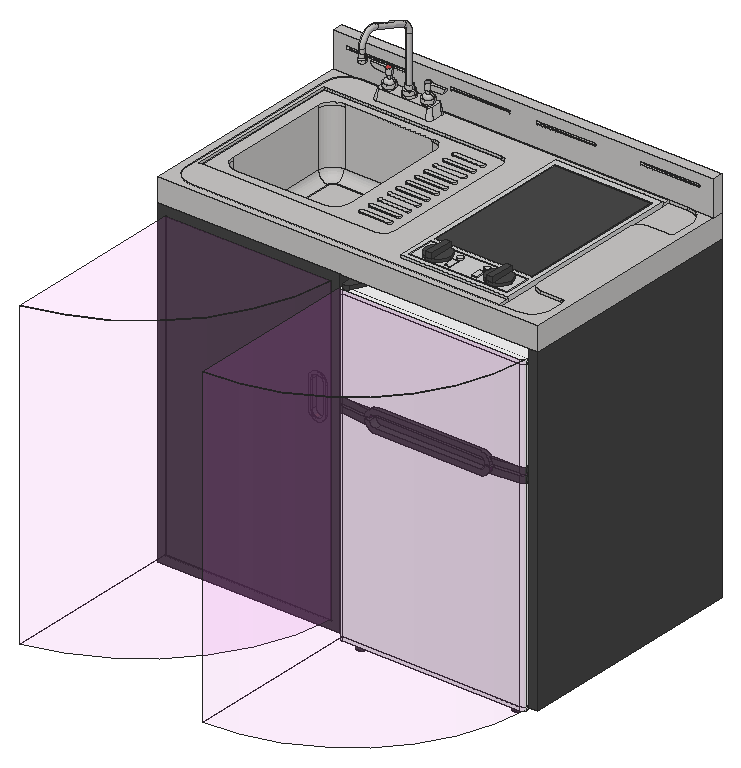
Revit family "QF_Summit_C39ELGLASSBK_Kitchenette", category Specialty Equipment, Revit 2020 (continued)
Automatic sketch dimensions
  Revolve 35 sketch curve to Revolve 35 sketch curve = 0.41967"
  Revolve 35 sketch curve to Revolve 35 sketch curve = 0.08258"
  Revolve 35 sketch curve to Revolve 35 sketch curve = 0"
  Revolve 35 sketch curve to level = 0.28903"
  Revolve 36 sketch curve to level = 0"  (x2)
  Revolve 36 sketch curve to plane 11 = 0"
  plane 18 to Revolve 36 sketch curve = 0.60245"
  Revolve 36 sketch curve to Revolve 36 sketch curve = 0.18277"
  Revolve 36 sketch curve to Revolve 36 sketch curve = 0.43124"
  Revolve 36 sketch curve to plane 11 = 0.33258"
  Revolve 36 sketch curve to Revolve 36 sketch curve = 0.41967"
  Revolve 36 sketch curve to Revolve 36 sketch curve = 0.08258"
  Revolve 36 sketch curve to Revolve 36 sketch curve = 0"
  Revolve 36 sketch curve to level = 0.28903"
  Revolve 37 sketch curve to level = 0"  (x2)
  Revolve 37 sketch curve to plane 11 = 0"
  plane 3 "LEFT" to Revolve 37 sketch curve = 0.60245"
  Revolve 37 sketch curve to Revolve 37 sketch curve = 0.18277"
  Revolve 37 sketch curve to Revolve 37 sketch curve = 0.43124"
  Revolve 37 sketch curve to plane 11 = 0.33258"
  Revolve 37 sketch curve to Revolve 37 sketch curve = 0.41967"
  Revolve 37 sketch curve to Revolve 37 sketch curve = 1/4"
  Revolve 37 sketch curve to Revolve 37 sketch curve = 0"
  Revolve 37 sketch curve to Revolve 37 sketch curve = 0.28903"
  Revolve 38 sketch curve to level = 0"  (x2)
  Revolve 38 sketch curve to plane 11 = 0"
  plane 3 "LEFT" to Revolve 38 sketch curve = 0.60245"
  Revolve 38 sketch curve to Revolve 38 sketch curve = 0.18277"
  Revolve 38 sketch curve to Revolve 38 sketch curve = 0.43124"
  Revolve 38 sketch curve to plane 11 = 0.33258"
  Revolve 38 sketch curve to Revolve 38 sketch curve = 0.41967"
  Revolve 38 sketch curve to plane 11 = 1/4"
  Revolve 38 sketch curve to Revolve 38 sketch curve = 0"
  Revolve 38 sketch curve to Revolve 38 sketch curve = 0.28903"
  radius of Extrusion 7 sketch curve = 1 1/4"  (x2)
  radius of Extrusion 8 sketch curve to Extrusion 7 = 0"  (x4)
  radius of Extrusion 9 sketch curve = 0.28156"  (x2)
  radius of Extrusion 27 sketch curve = 1 1/4"  (x2)
  radius of Extrusion 28 sketch curve to Extrusion 27 = 0"  (x4)
  radius of Extrusion 29 sketch curve = 0.28156"  (x2)
  radius of curve 121 = 1"
  radius of Extrusion 20 sketch curve = 1/8"
  radius of Extrusion 21 sketch curve = 1/8"
  radius of Extrusion 23 sketch curve to Extrusion 3 = 0"  (x2)
  radius of Extrusion 24 sketch curve = 1"
Nested families (in)
  nested 1: "CG_FISHER_TYPE 4" at (5.48357, -1, 36.375), type "CG_FISHER_TYPE 4"
    with Type Mark "", Specification by User "", Revision Code "", Item Number "", Installed By "", Identify Quantity as Lot yes, Furnished By "", Foodservice Equipment Identifier yes
  nested 2: "Summit_CP34BSS" at (19, -4.125, 0), Left Hinged Door <- "Show LHD", type "Summit_CP34BSS"
    with Right Hinged Door no, Left Hinged Door yes
Connectors (in)
  electrical at (32.20982, -1.61158, 36.36411)
    settings: on Extrusion 20, index 1, voltage 0 V, apparent load 0 VA, apparent load phase1 0 VA, apparent load phase2 0 VA, apparent load phase3 0 VA, power factor 1, load classification "Other", number of poles 1, system type 30, power factor state 1, is connector primary yes, connector utility no, sub classification motor no, connector description "Electrical Connection"
  electrical at (24.93965, 0.25, 3.16456), driven by "Volts", driven by "Watts"
    settings: on Extrusion 21, index 2, voltage 115 V, apparent load 1506.5 VA, apparent load phase1 0 VA, apparent load phase2 0 VA, apparent load phase3 0 VA, power factor 1, load classification "Other", number of poles 1, system type 30, power factor state 1, is connector primary no, connector utility no, sub classification motor no, connector description "Electrical Connection"
Definition of nested family "CG_FISHER_TYPE 4"
  Parameters (values of type "CG_FISHER_TYPE 4")
    Weight = ""
    URL Manufacturer = ""
    URL Cutsheet = ""
    URL = ""
    Type Mark [instance] = ""
    Specification by User [instance] = ""
    Specification by Manufacturer = ""
    Serial Number = ""
    Seismic Rating = ""
    SMACNA No = ""
    Revision Code [instance] = ""
    Omniclass Number and Title = ""
    NAFEM Spec ID Number = ""
    Model = ""
    MasterSpec. = ""
    Manufacturer = ""
    Item Number [instance] = ""
    Installed By [instance] = ""
    Identify Quantity as Lot [instance] = yes
    Furnished By [instance] = ""
    Foodservice Equipment Identifier [instance] = yes
    Default Elevation = 0"
    CSI MasterFormat = ""
    CSI Master Format = ""
  Reference planes (in)
    plane 1 "BACK": y = 0
    plane 2: z = 0
    plane 3 "LEFT": x = 0
    plane 4 "RIGHT": x = 6
    plane 5 "FRONT": y = -2
    plane 6 "TOP": z = 9.5
    plane 7: x = 3
    plane 8: x = 1
    plane 9: x = 5
    plane 10: z = 6.75
    plane 11: y = -1
    plane 12: y = -7
  Forms (in)
    Blend 1, solid
      base sketch origin (0, 0, 0) x (1, 0, 0) y (0, 1, 0)
        loop
          arc (0.5, 0) -> (0.14645, -0.14645) -> (0, -0.5) r 0.5
          line (0, -0.5) -> (0, -1.5)
          arc (0, -1.5) -> (0.14645, -1.85355) -> (0.5, -2) r 0.5
          line (0.5, -2) -> (5.5, -2)
          arc (5.5, -2) -> (5.85355, -1.85355) -> (6, -1.5) r 0.5
          line (6, -1.5) -> (6, -0.5)
          arc (6, -0.5) -> (5.85355, -0.14645) -> (5.5, 0) r 0.5
          line (5.5, 0) -> (0.5, 0)
      top sketch origin (0, 0, 0) x (1, 0, 0) y (0, 1, 0)
        loop
          line (5.5, -0.25) -> (0.5, -0.25)
          arc (0.5, -0.25) -> (0.32322, -0.32322) -> (0.25, -0.5) r 0.25
          line (0.25, -0.5) -> (0.25, -1.5)
          arc (0.25, -1.5) -> (0.32322, -1.67678) -> (0.5, -1.75) r 0.25
          line (0.5, -1.75) -> (5.5, -1.75)
          arc (5.5, -1.75) -> (5.67678, -1.67678) -> (5.75, -1.5) r 0.25
          line (5.75, -1.5) -> (5.75, -0.5)
          arc (5.75, -0.5) -> (5.67678, -0.32322) -> (5.5, -0.25) r 0.25
      from 0 to 1
    Extrusion 2, solid
      sketch origin (0, -0.09496, -3.5) x (1, 0, 0) y (0, 0, 1)
        loop
          line (4.82421, 6.36488) -> (4.82421, 5.7908) -> (5.75768, 5.80403) -> (6.42048, 5.89366)
          arc (6.42048, 5.89366) -> (6.70947, 6.05462) -> (6.82421, 6.36488) r 0.47687
          line (6.82421, 6.36488) -> (4.82421, 6.36488)
      from 0.77919 to 1.02919
    Revolve 3, solid
      sketch origin (-4.03517, -1, 0) x (1, 0, 0) y (0, 0, 1)
        loop
          line (5.03934, 1) -> (5.03934, 3.02505)
          arc (5.03934, 3.02505) -> (4.87585, 2.98746) -> (4.76133, 2.86488) r 0.2869
          line (4.76133, 2.86488) -> (4.76133, 2.2908) -> (4.87917, 2.2908) -> (4.87917, 1.83261)
          arc (4.87917, 1.83261) -> (4.65407, 1.74222) -> (4.60414, 1.50485) r 0.25731
          line (4.60414, 1.50485) -> (4.45379, 1.50485) -> (4.45379, 1.1768) -> (4.53934, 1.1768) -> (4.53934, 1) -> (5.03934, 1)
        axis (5.03934, 1) -> (5.03934, 3.02505)
      angle from 0 to 360
    Revolve 4, solid
      sketch origin (10.03517, -0.99916, 0) x (-1, 0, 0) y (0, 0, -1)
        loop
          line (5.03934, -1) -> (4.53934, -1) -> (4.53934, -1.1768) -> (4.45379, -1.1768) -> (4.45379, -1.50485) -> (4.60414, -1.50485)
          arc (4.60414, -1.50485) -> (4.65407, -1.74222) -> (4.87917, -1.83261) r 0.25731
          line (4.87917, -1.83261) -> (4.87917, -2.2908) -> (4.76133, -2.2908) -> (4.76133, -2.86488)
          arc (4.76133, -2.86488) -> (4.87585, -2.98746) -> (5.03934, -3.02505) r 0.2869
          line (5.03934, -3.02505) -> (5.03934, -1)
        axis (5.03934, -1) -> (5.03934, -3.02505)
      angle from 0 to 360
    Extrusion 5, solid
      sketch origin (6, -0.09496, -3.5) x (-1, 0, 0) y (0, 0, -1)
        loop
          line (4.82421, -6.36488) -> (6.82421, -6.36488)
          arc (6.82421, -6.36488) -> (6.70947, -6.05462) -> (6.42048, -5.89366) r 0.47687
          line (6.42048, -5.89366) -> (5.75768, -5.80403) -> (4.82421, -5.7908) -> (4.82421, -6.36488)
      from 0.77919 to 1.02919
    Revolve 6, solid
      sketch origin (0, -7, 0) x (1, 0, 0) y (0, 0, 1)
        loop
          line (3, 7.59291) -> (2.75, 7.59291) -> (2.75, 7.16874) -> (2.625, 6.95223) -> (2.625, 6.75) -> (3, 6.75) -> (3, 7.59291)
        axis (3, 6.75) -> (3, 7.59291)
      angle from 0 to 360
    Sweep 7, solid
      path origin (3, 0, 0) x (0, 1, 0) y (0, 0, 1)
        loop
          line (-7, 7.59291) -> (-7, 8.04139)
          arc (-7, 8.04139) -> (-6.46697, 9.06533) -> (-5.32247, 9.21601) r 1.25
          line (-5.32247, 9.21601) -> (-1.75198, 7.91645)
          arc (-1.75198, 7.91645) -> (-1.20668, 7.49803) -> (-1, 6.84252) r 1.14286
          line (-1, 6.84252) -> (-1, 2)
      profile origin (3, -7, 7.81715) x (0, -1, 0) y (1, 0, 0)
        loop
          circle (0, 0) r 0.25
    Revolve 8, solid
      sketch origin (8.03517, -0.9375, -3.5) x (-1, 0, 0) y (0, 0, -1)
        loop
          line (5.03934, -4.5) -> (4.40363, -4.5) -> (4.40363, -4.67045) -> (4.50358, -4.67045) -> (4.50358, -5.02398) -> (4.68786, -5.13038) -> (4.68786, -5.5) -> (5.03934, -5.5) -> (5.03934, -4.5)
        axis (5.03934, -4.5) -> (5.03934, -5.5)
      angle from 0 to 360
  Cuts and joins
    joined: Revolve 6, Sweep 7
  Lines and regions (in)
    symbolic lines
      curve 1: line (2.67337, -7.08919, 0) -> (2.67337, -1, 0)
      curve 2: line (3.29837, -7.08919, 0) -> (3.29837, -1, 0)
      curve 3: arc (3.29837, -1, 0) -> (2.98587, -0.6875, 0) -> (2.67337, -1, 0) r 0.3125
      curve 4: arc (3.29837, -1.40113, 0) -> (2.98587, -0.49151, 0) -> (2.67337, -1.40113, 0) r 0.50849
      curve 5: arc (3.29837, -1.5749, 0) -> (3.01791, -0.35019, 0) -> (2.67337, -1.55844, 0) r 0.6486
      curve 6: line (4.38304, -0.63916, 0) -> (5.00804, -0.27831, 0)
      curve 7: line (5.00804, -0.27831, 0) -> (5.63304, -0.63916, 0)
      curve 8: line (5.63304, -0.63916, 0) -> (5.63304, -1.26764, 0)
      curve 9: line (4.38304, -1.36084, 0) -> (4.38304, -0.63916, 0)
      curve 10: line (5.00804, -1.72169, 0) -> (4.38304, -1.36084, 0)
      curve 11: line (5.23435, -1.59103, 0) -> (5.00804, -1.72169, 0)
      curve 12: arc (5.53526, -1.17341, 0) -> (4.61465, -0.60851, 0) -> (5.18402, -1.52636, 0) r 0.555
      curve 13: arc (5.28147, -0.74178, 0) -> (4.74077, -0.73099, 0) -> (4.75156, -1.27169, 0) r 0.375
      curve 14: arc (4.75156, -1.27169, 0) -> (4.84744, -1.34648, 0) -> (4.96221, -1.38665, 0) r 0.375
      curve 15: arc (5.23435, -1.59103, 0) -> (5.11621, -1.46497, 0) -> (4.96221, -1.38665, 0) r 0.5
      curve 16: line (5.22231, -1.58455, 0) -> (6.43111, -2.61867, 0)
      curve 17: arc (6.43111, -2.61867, 0) -> (6.60796, -2.59971, 0) -> (6.62691, -2.42286, 0) r 0.14168
      curve 18: line (5.58934, -1.21683, 0) -> (6.62691, -2.42286, 0)
      curve 19: arc (5.39644, -0.95243, 0) -> (5.47064, -1.10086, 0) -> (5.58934, -1.21683, 0) r 0.5
      curve 20: arc (5.39644, -0.95243, 0) -> (5.35626, -0.83766, 0) -> (5.28147, -0.74178, 0) r 0.375
      curve 21: line (1.62658, -0.63916, 0) -> (1.00158, -0.27831, 0)
      curve 22: line (1.62658, -1.36084, 0) -> (1.62658, -0.63916, 0)
      curve 23: line (1.00158, -1.72169, 0) -> (1.62658, -1.36084, 0)
      curve 24: line (0.77192, -1.58909, 0) -> (1.00158, -1.72169, 0)
      curve 25: line (0.77192, -1.58909, 0) -> (-0.42292, -2.61705, 0)
      curve 26: arc (-0.61721, -2.42277, 0) -> (-0.59834, -2.59818, 0) -> (-0.42292, -2.61705, 0) r 0.1406
      curve 27: line (0.42029, -1.21683, 0) -> (-0.61721, -2.42277, 0)
      curve 28: arc (0.42029, -1.21683, 0) -> (0.53899, -1.10086, 0) -> (0.61319, -0.95243, 0) r 0.5
      curve 29: arc (1.04741, -1.38665, 0) -> (0.89898, -1.46086, 0) -> (0.78301, -1.57955, 0) r 0.5
      curve 30: arc (1.04741, -1.38665, 0) -> (1.16218, -1.34648, 0) -> (1.25806, -1.27169, 0) r 0.375
      curve 31: arc (1.25806, -1.27169, 0) -> (1.26885, -0.73099, 0) -> (0.72816, -0.74178, 0) r 0.375
      curve 32: arc (0.72816, -0.74178, 0) -> (0.65337, -0.83766, 0) -> (0.61319, -0.95243, 0) r 0.375
      curve 33: circle (1.00158, -1, 0) r 0.225 normal (0, 0, 1)
      curve 34: line (1.00158, -0.27831, 0) -> (0.37658, -0.63916, 0)
      curve 35: line (0.37658, -0.63916, 0) -> (0.37658, -1.26764, 0)
      curve 36: arc (0.82561, -1.52636, 0) -> (1.39498, -0.60851, 0) -> (0.47437, -1.17341, 0) r 0.555
      curve 37: arc (2.67337, -6.68325, 0) -> (2.98587, -7.60148, 0) -> (3.29837, -6.68325, 0) r 0.51229
      curve 38: arc (2.67337, -7.08919, 0) -> (2.98587, -7.40169, 0) -> (3.29837, -7.08919, 0) r 0.3125
      curve 39: line (3.29837, -2, 0) -> (5.51871, -2, 0)
      curve 40: line (6, -1.5, 0) -> (6, -0.5, 0)
      curve 41: line (5.5, 0, 0) -> (0.5, 0, 0)
      curve 42: line (0, -0.5, 0) -> (0, -1.5, 0)
      curve 43: line (0.5, -2, 0) -> (2.67337, -2, 0)
      curve 44: line (0.58489, -1.75, 0) -> (2.67337, -1.75, 0)
      curve 45: line (3.29837, -1.75, 0) -> (5.41571, -1.75, 0)
      curve 46: line (0.5, -0.25, 0) -> (5.5, -0.25, 0)
      curve 47: arc (5.75, -0.5, 0) -> (5.67678, -0.32322, 0) -> (5.5, -0.25, 0) r 0.25
      curve 48: arc (0.5, -0.25, 0) -> (0.32322, -0.32322, 0) -> (0.25, -0.5, 0) r 0.25
      curve 49: line (0.25, -1.41477, 0) -> (0.25, -0.5, 0)
      curve 50: line (5.75, -0.5, 0) -> (5.75, -1.40358, 0)
      curve 51: line (0.05911, -1.63665, 0) -> (0, -1.5, 0)
      curve 52: line (0.5, -2, 0) -> (0.35546, -1.94739, 0)
      curve 53: line (5.64118, -1.94289, 0) -> (5.51871, -2, 0)
      curve 54: line (5.94504, -1.63028, 0) -> (6, -1.5, 0)
      curve 55: arc (5.5, 0, 0) -> (5.85355, -0.14645, 0) -> (6, -0.5, 0) r 0.5
      curve 56: arc (0, -0.5, 0) -> (0.14645, -0.14645, 0) -> (0.5, 0, 0) r 0.5
      curve 57: circle (4.99842, -1, 0) r 0.225 normal (0, 0, -1)
  Dimensions and locks (in)
    equal spacing: plane 4 "RIGHT", plane 7, plane 3 "LEFT"
    plane 6 "TOP" to plane 2 = 9 1/2"
    aligned and locked: level to plane 2
  Automatic sketch dimensions
    Blend 1 sketch curve to plane 3 "LEFT" = 0"
    plane 5 "FRONT" to Blend 1 sketch curve = 0"
    plane 1 "BACK" to Blend 1 sketch curve = 0"
    Blend 1 sketch curve to plane 4 "RIGHT" = 0"
    plane 3 "LEFT" to Blend 1 sketch curve = 1/2"  (x2)
    Blend 1 sketch curve to plane 4 "RIGHT" = 1/2"  (x3)
    plane 1 "BACK" to Blend 1 sketch curve = 1/2"  (x2)
    plane 3 "LEFT" to Blend 1 sketch curve = 1/4"
    Blend 1 sketch curve to Blend 1 sketch curve = 1/4"  (x3)
    Blend 1 sketch curve to plane 5 "FRONT" = 1/4"
    plane 9 to Extrusion 2 sketch curve = 45/256"
    Extrusion 2 sketch curve to plane 4 "RIGHT" = 0.24232"
    plane 4 "RIGHT" to Extrusion 2 sketch curve = 0.34735"
    plane 4 "RIGHT" to Extrusion 2 sketch curve = 0.42048"
    Extrusion 2 sketch curve to plane 10 = 3.88512"
    Extrusion 2 sketch curve to Extrusion 2 sketch curve = 0.47687"
    Extrusion 2 sketch curve to Extrusion 2 sketch curve = 0.08963"
    Extrusion 2 sketch curve to Extrusion 2 sketch curve = 0.57408"
    plane 8 to Extrusion 5 sketch curve = 45/256"
    plane 3 "LEFT" to Extrusion 5 sketch curve = 0.24232"
    Extrusion 5 sketch curve to plane 3 "LEFT" = 0.34735"
    Extrusion 5 sketch curve to plane 3 "LEFT" = 0.42048"
    Extrusion 5 sketch curve to plane 10 = 3.88512"
    Extrusion 5 sketch curve to Extrusion 5 sketch curve = 0.47687"
    Extrusion 5 sketch curve to Extrusion 5 sketch curve = 0.08963"
    Extrusion 5 sketch curve to Extrusion 5 sketch curve = 0.57408"
    Revolve 6 sketch curve to plane 10 = 0"
    plane 7 to Revolve 6 sketch curve = 0"  (x2)
    Revolve 6 sketch curve to Revolve 6 sketch curve = 1/4"
    Revolve 6 sketch curve to Revolve 6 sketch curve = 1/8"
    plane 10 to Revolve 6 sketch curve = 0.20223"
    Revolve 6 sketch curve to Revolve 6 sketch curve = 0.21651"
    Revolve 6 sketch curve to Revolve 6 sketch curve = 0.42418"
    Revolve 6 sketch curve to Revolve 6 sketch curve = 0.09934"
    Revolve 6 sketch curve to Revolve 6 sketch curve = 0.33586"
    plane 7 to Revolve 8 sketch curve = 0.63154"
    Revolve 8 sketch curve to Revolve 8 sketch curve = 0.09994"
    Revolve 8 sketch curve to Revolve 8 sketch curve = 0.18428"
    Revolve 8 sketch curve to plane 7 = 0.00417"  (x2)
    Revolve 8 sketch curve to plane 10 = 3.2092"
    Revolve 8 sketch curve to plane 10 = 4 3/4"
    Revolve 8 sketch curve to Revolve 8 sketch curve = 0.5408"
    Revolve 8 sketch curve to Revolve 8 sketch curve = 0.36962"
    Revolve 8 sketch curve to Revolve 8 sketch curve = 0.1064"
    Revolve 8 sketch curve to Revolve 8 sketch curve = 0.35353"
    Revolve 8 sketch curve to Revolve 8 sketch curve = 0.17045"
    Revolve 3 sketch curve to plane 8 = 0.0161"
    Revolve 3 sketch curve to plane 8 = 0.156"
    Revolve 3 sketch curve to plane 8 = 0.18399"
    Revolve 3 sketch curve to Revolve 3 sketch curve = 0.11783"
    Revolve 3 sketch curve to Revolve 3 sketch curve = 0.24704"
    Revolve 3 sketch curve to plane 8 = 0.49583"
    Revolve 3 sketch curve to Revolve 3 sketch curve = 0.08555"
    plane 8 to Revolve 3 sketch curve = 0.00417"  (x2)
    level to Revolve 3 sketch curve = 1"
    Revolve 3 sketch curve to Revolve 3 sketch curve = 0.1768"
    Revolve 3 sketch curve to Revolve 3 sketch curve = 0.32805"
    Revolve 3 sketch curve to Revolve 3 sketch curve = 0.07197"
    Revolve 3 sketch curve to Revolve 3 sketch curve = 0.45819"
    Revolve 3 sketch curve to Revolve 3 sketch curve = 1/4"
    Revolve 3 sketch curve to Revolve 3 sketch curve = 0.19807"
    Revolve 3 sketch curve to Revolve 3 sketch curve = 0.12601"
    plane 10 to Revolve 3 sketch curve = 0.2908"
    Revolve 4 sketch curve to plane 9 = 0.0161"
    Revolve 4 sketch curve to plane 9 = 0.156"
    Revolve 4 sketch curve to plane 9 = 0.18399"
    Revolve 4 sketch curve to plane 9 = 0.27384"
    Revolve 4 sketch curve to Revolve 4 sketch curve = 0.24704"
    Revolve 4 sketch curve to plane 9 = 0.49583"
    Revolve 4 sketch curve to Revolve 4 sketch curve = 0.08555"
    plane 9 to Revolve 4 sketch curve = 0.00417"  (x2)
    level to Revolve 4 sketch curve = 1"
    Revolve 4 sketch curve to Revolve 4 sketch curve = 0.1768"
    Revolve 4 sketch curve to Revolve 4 sketch curve = 0.32805"
    Revolve 4 sketch curve to Revolve 4 sketch curve = 0.07197"
    Revolve 4 sketch curve to Revolve 4 sketch curve = 0.45819"
    Revolve 4 sketch curve to Revolve 4 sketch curve = 1/4"
    Revolve 4 sketch curve to Revolve 4 sketch curve = 0.19807"
    Revolve 4 sketch curve to Revolve 4 sketch curve = 0.12601"
    plane 10 to Revolve 4 sketch curve = 0.2908"
    curve 3 to curve 4 = 0"  (x2)
    curve 30 to curve 32 = 0"  (x2)
    curve 33 to curve 36 = 0"  (x2)
    curve 37 to curve 38 = 0"  (x2)
    curve 47 to curve 55 = 0"  (x2)
    curve 48 to curve 56 = 0"  (x2)
    curve 42 to plane 3 "LEFT" = 0"
    plane 5 "FRONT" to curve 43 = 0"
    plane 1 "BACK" to curve 56 = 0"
    curve 36 to plane 11 = 0"
    curve 3 to plane 11 = 0"
    plane 5 "FRONT" to curve 39 = 0"
    curve 57 to plane 11 = 0"
    curve 12 to plane 11 = 0"
    curve 54 to plane 4 "RIGHT" = 0"
    curve 26 to plane 3 "LEFT" = 0.42292"
    curve 26 to curve 25 = 0.07599"
    curve 27 to curve 26 = 0.11829"
    plane 3 "LEFT" to curve 51 = 0.05911"
    plane 3 "LEFT" to curve 28 = 0.13506"
    curve 56 to curve 49 = 1/4"
    curve 52 to plane 5 "FRONT" = 0.05261"
    plane 3 "LEFT" to curve 52 = 91/256"
    curve 49 to curve 35 = 0.12658"
    curve 35 to curve 28 = 0.04371"
    curve 28 to curve 36 = 0.05408"
    curve 52 to curve 43 = 37/256"
    curve 48 to curve 46 = 1/4"
    curve 43 to curve 44 = 0.08489"
    plane 11 to curve 28 = 0.04757"
    curve 36 to curve 28 = 0.13882"
    curve 28 to curve 32 = 0.11497"
    curve 24 to plane 8 = 0.22808"
    curve 24 to curve 29 = 0.01109"
    curve 29 to curve 36 = 0.0426"
    curve 32 to plane 8 = 0.01747"
    plane 8 to curve 36 = 0.00158"
    plane 8 to curve 21 = 0.00158"
    plane 8 to curve 23 = 0.00158"
    plane 8 to curve 31 = 0.00369"
    plane 8 to curve 30 = 0.04741"
    plane 8 to curve 29 = 0.19367"
    curve 29 to curve 31 = 0.21065"
    plane 8 to curve 22 = 0.62658"
    curve 1 to plane 12 = 0.08919"
    curve 1 to plane 7 = 0.32663"
    curve 37 to plane 7 = 0.01413"
    plane 7 to curve 5 = 0.00083"
    plane 9 to curve 6 = 0.61696"
    plane 9 to curve 13 = 0.24844"
    plane 9 to curve 15 = 0.18405"
    plane 9 to curve 15 = 0.03779"
    plane 9 to curve 57 = 0.00158"
    plane 11 to curve 13 = 0.00384"
    curve 13 to plane 9 = 0.00594"
    curve 11 to plane 9 = 0.00804"
    curve 7 to plane 9 = 0.00804"
    curve 13 to curve 12 = 0.00211"
    curve 12 to curve 20 = 0.01905"
    curve 20 to curve 14 = 0"
    curve 12 to plane 9 = 0.18402"
    curve 12 to curve 16 = 0.0383"
    curve 16 to curve 15 = 0.01204"
    curve 13 to plane 9 = 0.28147"
    plane 11 to curve 19 = 0.04757"
    curve 13 to curve 19 = 0.11497"
    curve 11 to curve 45 = 0.18136"
    curve 41 to plane 4 "RIGHT" = 1/2"
    curve 45 to curve 39 = 0.103"
    curve 12 to plane 11 = 0.17341"
    curve 20 to curve 12 = 0.13882"
    curve 12 to curve 19 = 0.05408"
    curve 18 to curve 8 = 0.04371"
    curve 53 to plane 5 "FRONT" = 0.05711"
    curve 39 to curve 53 = 0.12247"
    curve 19 to plane 4 "RIGHT" = 0.12544"
    curve 54 to plane 4 "RIGHT" = 0.05496"
    plane 4 "RIGHT" to curve 17 = 0.43111"
    curve 16 to curve 17 = 0.07667"
    curve 17 to curve 18 = 0.11914"
    plane 12 to curve 37 = 0.31675"
    plane 5 "FRONT" to curve 17 = 0.61867"
    plane 5 "FRONT" to curve 26 = 0.61705"
    curve 17 to curve 17 = 0.11914"
    curve 25 to curve 26 = 0.11829"
    curve 15 to plane 5 "FRONT" = 0.13522"
    curve 29 to plane 5 "FRONT" = 0.13522"
    curve 29 to curve 24 = 0.14309"
    curve 15 to curve 10 = 0.14309"
    curve 52 to curve 51 = 0.31074"
    curve 45 to curve 5 = 0.1751"
    curve 44 to curve 5 = 0.19156"
    curve 51 to curve 51 = 0.13665"
    curve 54 to curve 54 = 0.13028"
    curve 5 to curve 4 = 0.15731"
    curve 9 to plane 11 = 0.36084"
    curve 22 to plane 11 = 0.36084"
    curve 29 to curve 30 = 0.11497"
    curve 14 to curve 13 = 0.11497"
    plane 11 to curve 21 = 0.36084"
    plane 11 to curve 6 = 0.36084"
    curve 8 to curve 47 = 0.13916"
    curve 34 to curve 48 = 0.13916"
    plane 1 "BACK" to curve 34 = 0.27831"
    plane 1 "BACK" to curve 7 = 0.27831"
    Sweep 7 sketch curve to profile plane = 0"  (x2)
    Sweep 7 sketch curve to plane 12 = 0"
    Sweep 7 sketch curve to plane 11 = 0"
    plane 12 to Sweep 7 sketch curve = 1 1/4"
    Sweep 7 sketch curve to plane 6 "TOP" = 0.28399"
    Sweep 7 sketch curve to Sweep 7 sketch curve = 0.42753"
    plane 5 "FRONT" to Sweep 7 sketch curve = 0.14286"
    Sweep 7 sketch curve to plane 5 "FRONT" = 0.24802"
    plane 10 to Sweep 7 sketch curve = 1.16645"
    Sweep 7 sketch curve to Sweep 7 sketch curve = 0.44847"
    level to Sweep 7 sketch curve = 2"
    radius of curve 33 = 0.225"
    radius of curve 57 = 0.225"
    radius of Sweep 7 sketch curve = 1/4"
Definition of nested family "Summit_CP34BSS"
  Parameters (values of type "Summit_CP34BSS")
    Right Hinged Door [instance] = not(Left Hinged Door)  # yes
    Model = "CP34BSS"
    Manufacturer = "Summit"
    Length = 19"
    Left Hinged Door [instance] = no
    Height = 33"
    Description = "Refrigerator-Freezer"
    Depth = 19 3/4"
    Default Elevation = 0"
  Reference planes (in)
    plane 1: z = 0
    plane 2 "LEFT": x = 0
    plane 3 "RIGHT": x = 19
    plane 4 "FRONT": y = -20.5
    plane 5 "TOP": z = 33
    plane 6 "Center Y": x = 9.5
    plane 7 "Center X": y = -10.625
    plane 8 "BACK": y = -0.75
    plane 9 "Base Heigth": z = 0.75
    plane 10: y = -37.5
    plane 11: z = 33.375
    plane 12: y = -19.5
  Forms (in)
    Extrusion 1, solid
      sketch origin (0, 0, 0) x (1, 0, 0) y (0, 1, 0)
        loop
          line (0.125, -0.75) -> (0.125, -17.875) -> (18.875, -17.875) -> (18.875, -0.75) -> (0.125, -0.75)
      from 0.75 to 32.625
    Extrusion 2, solid
      sketch origin (0, 0, 32.625) x (1, 0, 0) y (0, 1, 0)
        loop
          line (0, -0.75) -> (0, -17.875) -> (19, -17.875) -> (19, -0.75) -> (0, -0.75)
      from 0 to 0.375
    Extrusion 3, solid
      sketch origin (0, 0, 0.75) x (-1, 0, 0) y (0, -1, 0)
        loop
          line (0, 17.875) -> (0, 19.59135)
          arc (0, 19.59135) -> (-0.11361, 19.88696) -> (-0.39596, 20.03038) r 0.44137
          arc (-0.39596, 20.03038) -> (-9.49998, 20.5) -> (-18.60401, 20.03038) r 88.48045
          arc (-18.60401, 20.03038) -> (-18.88638, 19.88695) -> (-19, 19.59132) r 0.44141
          line (-19, 19.59132) -> (-19, 17.875) -> (0, 17.875)
      from 0 to 0.375
    Extrusion 4, solid
      sketch origin (0, 0, 21.7375) x (-1, 0, 0) y (0, -1, 0)
        loop
          line (0, 17.875) -> (0, 19.59135)
          arc (0, 19.59135) -> (-0.11361, 19.88696) -> (-0.39596, 20.03038) r 0.44137
          arc (-0.39596, 20.03038) -> (-9.49998, 20.5) -> (-18.60401, 20.03038) r 88.48045
          arc (-18.60401, 20.03038) -> (-18.88638, 19.88695) -> (-19, 19.59132) r 0.44141
          line (-19, 19.59132) -> (-19, 17.875) -> (0, 17.875)
      from -0.05 to 0.575
    Extrusion 5, solid
      sketch origin (0, 0, 22.6125) x (-1, 0, 0) y (0, -1, 0)
        loop
          line (0, 17.875) -> (0, 19.59135)
          arc (0, 19.59135) -> (-0.11361, 19.88696) -> (-0.39596, 20.03038) r 0.44137
          arc (-0.39596, 20.03038) -> (-9.49998, 20.5) -> (-18.60401, 20.03038) r 88.48045
          arc (-18.60401, 20.03038) -> (-18.88638, 19.88695) -> (-19, 19.59132) r 0.44141
          line (-19, 19.59132) -> (-19, 17.875) -> (0, 17.875)
      from -0.05 to 0.575
    Extrusion 6, void
      sketch origin (0, -20.5, 0) x (1, 0, 0) y (0, 0, 1)
        loop
          line (14.825, 23.5605) -> (4.175, 23.5605)
          arc (4.175, 23.5605) -> (3.051, 22.4365) -> (4.175, 21.3125) r 1.124
          line (4.175, 21.3125) -> (14.825, 21.3125)
          arc (14.825, 21.3125) -> (15.949, 22.4365) -> (14.825, 23.5605) r 1.124
      from -0.75749 to 0.47387
    Extrusion 7, solid
      sketch origin (0, 0, 23.1875) x (-1, 0, 0) y (0, -1, 0)
        loop
          line (-19, 17.875) -> (0, 17.875) -> (0, 19.59135)
          arc (0, 19.59135) -> (-0.11361, 19.88696) -> (-0.39596, 20.03038) r 0.44137
          arc (-0.39596, 20.03038) -> (-9.49998, 20.5) -> (-18.60401, 20.03038) r 88.48045
          arc (-18.60401, 20.03038) -> (-18.88638, 19.88695) -> (-19, 19.59132) r 0.44141
          line (-19, 19.59132) -> (-19, 17.875)
      from 0 to 9.4375
    Extrusion 8, solid
      sketch origin (0, 0, 1.125) x (-1, 0, 0) y (0, -1, 0)
        loop
          line (-19, 17.875) -> (0, 17.875) -> (0, 19.59135)
          arc (0, 19.59135) -> (-0.11361, 19.88696) -> (-0.39596, 20.03038) r 0.44137
          arc (-0.39596, 20.03038) -> (-9.49998, 20.5) -> (-18.60401, 20.03038) r 88.48045
          arc (-18.60401, 20.03038) -> (-18.88638, 19.88695) -> (-19, 19.59132) r 0.44141
          line (-19, 19.59132) -> (-19, 17.875)
      from 0 to 20.5625
    Extrusion 9, solid
      sketch origin (0, -0.75, 0) x (1, 0, 0) y (0, 0, -1)
        loop
          circle (14.875, -1.59612) r 0.25
      from 0 to 0.0625
    Extrusion 10, solid
      sketch origin (0, 0, 32.625) x (-1, 0, 0) y (0, -1, 0)
        loop
          line (-19, 17.875) -> (0, 17.875) -> (0, 19.59135)
          arc (0, 19.59135) -> (-0.11361, 19.88696) -> (-0.39596, 20.03038) r 0.44137
          arc (-0.39596, 20.03038) -> (-9.49998, 20.5) -> (-18.60401, 20.03038) r 88.48045
          arc (-18.60401, 20.03038) -> (-18.88638, 19.88695) -> (-19, 19.59132) r 0.44141
          line (-19, 19.59132) -> (-19, 17.875)
      from 0 to 0.375
    Extrusion 11, solid, visible <- "Right Hinged Door"
      sketch origin (0, 0, 33) x (1, 0, 0) y (0, 1, 0)
        loop
          line (18.74308, -15.34424) -> (16.24308, -15.34424)
          arc (16.24308, -15.34424) -> (16.13693, -15.40322) -> (16.13095, -15.52449) r 0.125
          line (16.13095, -15.52449) -> (18.15671, -19.63501)
          arc (18.15671, -19.63501) -> (18.57818, -19.83445) -> (18.86808, -19.46924) r 0.375
          line (18.86808, -19.46924) -> (18.86808, -15.46924)
          arc (18.86808, -15.46924) -> (18.83146, -15.38085) -> (18.74308, -15.34424) r 0.125
      from 0 to 0.375
    Revolve 12, solid
      sketch origin (0, -19, 0) x (1, 0, 0) y (0, 0, 1)
        loop
          line (17.5, 0.75) -> (17.5, 0) -> (17.88442, 0)
          arc (17.88442, 0) -> (17.89986, 0.00639) -> (17.90625, 0.02183) r 0.02183
          line (17.90625, 0.02183) -> (17.90625, 0.625) -> (18.10394, 0.625)
          arc (18.10394, 0.625) -> (18.11883, 0.63117) -> (18.125, 0.64606) r 0.02106
          line (18.125, 0.64606) -> (18.125, 0.72886)
          arc (18.125, 0.72886) -> (18.11881, 0.74381) -> (18.10386, 0.75) r 0.02114
          line (18.10386, 0.75) -> (17.5, 0.75)
        axis (17.5, 0) -> (17.5, 0.75)
      angle from 0 to 360
    Revolve 13, solid
      sketch origin (-16, -19, 0) x (1, 0, 0) y (0, 0, 1)
        loop
          line (17.5, 0.75) -> (17.5, 0) -> (17.88442, 0)
          arc (17.88442, 0) -> (17.89986, 0.00639) -> (17.90625, 0.02183) r 0.02183
          line (17.90625, 0.02183) -> (17.90625, 0.625) -> (18.10394, 0.625)
          arc (18.10394, 0.625) -> (18.11883, 0.63117) -> (18.125, 0.64606) r 0.02106
          line (18.125, 0.64606) -> (18.125, 0.72886)
          arc (18.125, 0.72886) -> (18.11881, 0.74381) -> (18.10386, 0.75) r 0.02114
          line (18.10386, 0.75) -> (17.5, 0.75)
        axis (17.5, 0) -> (17.5, 0.75)
      angle from 0 to 360
    Revolve 14, solid
      sketch origin (0, -2.25, 0) x (1, 0, 0) y (0, 0, 1)
        loop
          line (17.5, 0.75) -> (17.5, 0) -> (17.88442, 0)
          arc (17.88442, 0) -> (17.89986, 0.00639) -> (17.90625, 0.02183) r 0.02183
          line (17.90625, 0.02183) -> (17.90625, 0.625) -> (18.10394, 0.625)
          arc (18.10394, 0.625) -> (18.11883, 0.63117) -> (18.125, 0.64606) r 0.02106
          line (18.125, 0.64606) -> (18.125, 0.72886)
          arc (18.125, 0.72886) -> (18.11881, 0.74381) -> (18.10386, 0.75) r 0.02114
          line (18.10386, 0.75) -> (17.5, 0.75)
        axis (17.5, 0) -> (17.5, 0.75)
      angle from 0 to 360
    Revolve 15, solid
      sketch origin (-16, -2.25, 0) x (1, 0, 0) y (0, 0, 1)
        loop
          line (17.5, 0.75) -> (17.5, 0) -> (17.88442, 0)
          arc (17.88442, 0) -> (17.89986, 0.00639) -> (17.90625, 0.02183) r 0.02183
          line (17.90625, 0.02183) -> (17.90625, 0.625) -> (18.10394, 0.625)
          arc (18.10394, 0.625) -> (18.11883, 0.63117) -> (18.125, 0.64606) r 0.02106
          line (18.125, 0.64606) -> (18.125, 0.72886)
          arc (18.125, 0.72886) -> (18.11881, 0.74381) -> (18.10386, 0.75) r 0.02114
          line (18.10386, 0.75) -> (17.5, 0.75)
        axis (17.5, 0) -> (17.5, 0.75)
      angle from 0 to 360
    Extrusion 16, solid, visible <- "Right Hinged Door"
      sketch origin (0, 0, 0.75) x (-1, 0, 0) y (0, -1, 0)
        loop
          arc (-0.02028, 19.5) -> (-5.88698, 32.31838) -> (-19, 37.4931) r 18.86808
          line (-19, 37.4931) -> (-19, 19.5) -> (-0.02028, 19.5)
      from 0 to 32.25
    Extrusion 17, solid, visible <- "Left Hinged Door"
      sketch origin (19, 0, 0.75) x (1, 0, 0) y (0, 1, 0)
        loop
          line (-0.02028, -19.5) -> (-19, -19.5) -> (-19, -37.4931)
          arc (-19, -37.4931) -> (-5.88698, -32.31838) -> (-0.02028, -19.5) r 18.86808
      from 0 to 32.25
    Extrusion 18, solid, visible <- "Left Hinged Door"
      sketch origin (19, 0, 33) x (-1, 0, 0) y (0, -1, 0)
        loop
          arc (18.74308, 15.34424) -> (18.83146, 15.38085) -> (18.86808, 15.46924) r 0.125
          line (18.86808, 15.46924) -> (18.86808, 19.46924)
          arc (18.86808, 19.46924) -> (18.57818, 19.83445) -> (18.15671, 19.63501) r 0.375
          line (18.15671, 19.63501) -> (16.13095, 15.52449)
          arc (16.13095, 15.52449) -> (16.13693, 15.40322) -> (16.24308, 15.34424) r 0.125
          line (16.24308, 15.34424) -> (18.74308, 15.34424)
      from 0 to 0.375
    Extrusion 19, solid
      sketch origin (0, -19.74251, 0) x (1, 0, 0) y (0, 0, 1)
        loop
          arc (4.175, 23.5605) -> (3.42608, 23.27465) -> (3.05808, 22.5625) r 1.124
          line (3.05808, 22.5625) -> (3.56385, 22.5625)
          arc (3.56385, 22.5625) -> (3.78082, 22.92024) -> (4.175, 23.0605) r 0.624
          line (4.175, 23.0605) -> (14.825, 23.0605)
          arc (14.825, 23.0605) -> (15.21918, 22.92024) -> (15.43615, 22.5625) r 0.624
          line (15.43615, 22.5625) -> (15.94192, 22.5625)
          arc (15.94192, 22.5625) -> (15.57392, 23.27465) -> (14.825, 23.5605) r 1.124
          line (14.825, 23.5605) -> (4.175, 23.5605)
        loop
          line (4.175, 21.3125) -> (14.825, 21.3125)
          arc (14.825, 21.3125) -> (15.57467, 21.59902) -> (15.94214, 22.3125) r 1.124
          line (15.94214, 22.3125) -> (15.43656, 22.3125)
          arc (15.43656, 22.3125) -> (15.21997, 21.95341) -> (14.825, 21.8125) r 0.624
          line (14.825, 21.8125) -> (4.175, 21.8125)
          arc (4.175, 21.8125) -> (3.78003, 21.95341) -> (3.56344, 22.3125) r 0.624
          line (3.56344, 22.3125) -> (3.05786, 22.3125)
          arc (3.05786, 22.3125) -> (3.42533, 21.59902) -> (4.175, 21.3125) r 1.124
      from 0 to 0.75749
  Cuts and joins
    Extrusion 6 cuts Extrusion 4
    Extrusion 6 cuts Extrusion 5
    joined: Extrusion 5, Extrusion 19
    Extrusion 6 cuts Extrusion 7
    Extrusion 6 cuts Extrusion 8
  Lines and regions (in)
    symbolic lines, visible <- "Right Hinged Door"
      curve 1: arc (18.15671, -19.63501, 0.75) -> (18.56597, -19.83709, 0.75) -> (18.86724, -19.49422, 0.75) r 0.375
      curve 5: arc (0.01866, -19.46438, 0.75) -> (0.87571, -24.30695, 0.75) -> (2.95506, -28.76355, 0.75) r 18.86808
      curve 6: line (19, -19.5, 0.75) -> (2.95506, -28.76355, 0.75)
      curve 12: line (18.15671, -19.63501, 0.75) -> (18.09017, -19.5, 0.75)
    symbolic lines
      curve 2: arc (0.39596, -20.03038, 0.75) -> (9.49998, -20.5, 0.75) -> (18.60401, -20.03038, 0.75) r 88.48045
      curve 3: arc (18.60401, -20.03038, 0.75) -> (18.88638, -19.88695, 0.75) -> (19, -19.59132, 0.75) r 0.44141
      curve 4: arc (0, -19.59135, 0.75) -> (0.11361, -19.88696, 0.75) -> (0.39596, -20.03038, 0.75) r 0.44137
      curve 10: line (0, -19.59135, 0.75) -> (0, -19.5, 0.75)
      curve 13: line (19, -19.59132, 0.75) -> (19, -19.5, 0.75)
    symbolic lines, visible <- "Left Hinged Door"
      curve 7: arc (0.84329, -19.63501, 0.75) -> (0.42182, -19.83445, 0.75) -> (0.13192, -19.46924, 0.75) r 0.375
      curve 8: arc (18.98134, -19.46435, 0.75) -> (18.1243, -24.30693, 0.75) -> (16.04494, -28.76355, 0.75) r 18.86808
      curve 9: line (0, -19.5, 0.75) -> (16.04494, -28.76355, 0.75)
      curve 11: line (0.84329, -19.63501, 0.75) -> (0.90983, -19.5, 0.75)
  Dimensions and locks (in)
    equal spacing: plane 2 "LEFT", plane 6 "Center Y", plane 3 "RIGHT"
    "Length": plane 2 "LEFT" to plane 3 "RIGHT"
    equal spacing: plane 4 "FRONT", plane 7 "Center X", plane 8 "BACK"
    "Height": plane 5 "TOP" to level
    plane 3 "RIGHT" to plane 2 "LEFT" = 19"
    plane 5 "TOP" to level = 33"
    "Depth": plane 4 "FRONT" to plane 8 "BACK"
    plane 10 to plane 8 "BACK" = 36 3/4"
    plane 9 "Base Heigth" to level = 3/4"
    plane 11 to plane 5 "TOP" = 3/8"
    plane 4 "FRONT" to plane 12 = 1"
    aligned and locked: level to plane 1
  Automatic sketch dimensions
    plane 8 "BACK" to Extrusion 1 sketch curve = 0"
    plane 2 "LEFT" to Extrusion 1 sketch curve = 1/8"
    plane 3 "RIGHT" to Extrusion 1 sketch curve = 1/8"
    Extrusion 1 sketch curve to plane 4 "FRONT" = 2 5/8"
    Extrusion 2 sketch curve to Extrusion 1 = 0"  (x2)
    Extrusion 1 to Extrusion 2 sketch curve = 1/8"  (x2)
    Extrusion 3 sketch curve to plane 3 "RIGHT" = 0"
    Extrusion 3 sketch curve to plane 6 "Center Y" = 0"
    Extrusion 3 sketch curve to plane 2 "LEFT" = 0"
    Extrusion 3 sketch curve to Extrusion 3 sketch curve = 113/256"
    Extrusion 3 sketch curve to Extrusion 3 sketch curve = 0.44137"
    Extrusion 3 sketch curve to plane 8 "BACK" = 68.73045"
    Extrusion 3 sketch curve to plane 4 "FRONT" = 2 5/8"
    Extrusion 3 sketch curve to plane 4 "FRONT" = 0.90868"
    Extrusion 3 sketch curve to plane 4 "FRONT" = 0.90865"
    Extrusion 3 sketch curve to Extrusion 3 sketch curve = 0"
    Extrusion 4 sketch curve to plane 3 "RIGHT" = 0"
    Extrusion 4 sketch curve to plane 6 "Center Y" = 0"
    Extrusion 4 sketch curve to plane 2 "LEFT" = 0"
    Extrusion 4 sketch curve to Extrusion 4 sketch curve = 113/256"
    Extrusion 4 sketch curve to Extrusion 4 sketch curve = 0.44137"
    Extrusion 4 sketch curve to plane 8 "BACK" = 68.73045"
    Extrusion 4 sketch curve to plane 4 "FRONT" = 2 5/8"
    Extrusion 4 sketch curve to plane 4 "FRONT" = 0.90868"
    Extrusion 4 sketch curve to plane 4 "FRONT" = 0.90865"
    Extrusion 4 sketch curve to Extrusion 4 sketch curve = 0"
    Extrusion 5 sketch curve to plane 3 "RIGHT" = 0"
    Extrusion 5 sketch curve to plane 6 "Center Y" = 0"
    Extrusion 5 sketch curve to plane 2 "LEFT" = 0"
    Extrusion 5 sketch curve to Extrusion 5 sketch curve = 113/256"
    Extrusion 5 sketch curve to Extrusion 5 sketch curve = 0.44137"
    Extrusion 5 sketch curve to plane 8 "BACK" = 68.73045"
    Extrusion 5 sketch curve to plane 4 "FRONT" = 2 5/8"
    Extrusion 5 sketch curve to plane 4 "FRONT" = 0.90868"
    Extrusion 5 sketch curve to plane 4 "FRONT" = 0.90865"
    Extrusion 5 sketch curve to Extrusion 5 sketch curve = 0"
    Extrusion 7 sketch curve to plane 3 "RIGHT" = 0"
    Extrusion 7 sketch curve to plane 6 "Center Y" = 0"
    Extrusion 7 sketch curve to plane 2 "LEFT" = 0"
    Extrusion 7 sketch curve to Extrusion 7 sketch curve = 113/256"
    Extrusion 7 sketch curve to Extrusion 7 sketch curve = 0.44137"
    Extrusion 7 sketch curve to plane 8 "BACK" = 68.73045"
    Extrusion 7 sketch curve to plane 4 "FRONT" = 2 5/8"
    Extrusion 7 sketch curve to plane 4 "FRONT" = 0.90868"
    Extrusion 7 sketch curve to plane 4 "FRONT" = 0.90865"
    Extrusion 7 sketch curve to Extrusion 7 sketch curve = 0"
    Extrusion 8 sketch curve to plane 3 "RIGHT" = 0"
    Extrusion 8 sketch curve to plane 6 "Center Y" = 0"
    Extrusion 8 sketch curve to plane 2 "LEFT" = 0"
    Extrusion 8 sketch curve to Extrusion 8 sketch curve = 113/256"
    Extrusion 8 sketch curve to Extrusion 8 sketch curve = 0.44137"
    Extrusion 8 sketch curve to plane 8 "BACK" = 68.73045"
    Extrusion 8 sketch curve to plane 4 "FRONT" = 2 5/8"
    Extrusion 8 sketch curve to plane 4 "FRONT" = 0.90868"
    Extrusion 8 sketch curve to plane 4 "FRONT" = 0.90865"
    Extrusion 8 sketch curve to Extrusion 8 sketch curve = 0"
    Extrusion 1 to Extrusion 9 sketch curve = 0.84612"
    Extrusion 9 sketch curve to Extrusion 1 = 4"
    Extrusion 10 sketch curve to Extrusion 7 = 0"
    Extrusion 11 sketch curve to Extrusion 2 = 2.86905"
    Extrusion 11 sketch curve to Extrusion 11 sketch curve = 0.11212"
    Extrusion 11 sketch curve to Extrusion 2 = 0.84329"
    Extrusion 11 sketch curve to Extrusion 11 sketch curve = 0.33637"
    Extrusion 11 sketch curve to Extrusion 2 = 0.25692"
    Extrusion 11 sketch curve to Extrusion 11 sketch curve = 1/8"
    Extrusion 2 to Extrusion 11 sketch curve = 1.76001"
    Extrusion 11 sketch curve to Extrusion 2 = 2.35051"
    Extrusion 11 sketch curve to Extrusion 11 sketch curve = 0.05526"
    Revolve 12 sketch curve to plane 9 "Base Heigth" = 0"  (x2)
    Revolve 12 sketch curve to level = 0"
    plane 3 "RIGHT" to Revolve 12 sketch curve = 1 1/2"
    level to Revolve 12 sketch curve = 0.02183"
    Revolve 12 sketch curve to Revolve 12 sketch curve = 0.38442"
    Revolve 12 sketch curve to Revolve 12 sketch curve = 0.19761"
    Revolve 12 sketch curve to Revolve 12 sketch curve = 0.00007"
    Revolve 12 sketch curve to Revolve 12 sketch curve = 0.02106"
    Revolve 12 sketch curve to plane 9 "Base Heigth" = 1/8"
    Revolve 12 sketch curve to Revolve 12 sketch curve = 0"
    plane 9 "Base Heigth" to Revolve 12 sketch curve = 0.83233"
    Revolve 13 sketch curve to plane 9 "Base Heigth" = 0"  (x2)
    Revolve 13 sketch curve to level = 0"
    plane 2 "LEFT" to Revolve 13 sketch curve = 1 1/2"
    level to Revolve 13 sketch curve = 0.02183"
    Revolve 13 sketch curve to Revolve 13 sketch curve = 0.38442"
    Revolve 13 sketch curve to Revolve 13 sketch curve = 0.19761"
    Revolve 13 sketch curve to Revolve 13 sketch curve = 0.00007"
    Revolve 13 sketch curve to Revolve 13 sketch curve = 0.02106"
    Revolve 13 sketch curve to plane 9 "Base Heigth" = 1/8"
    Revolve 13 sketch curve to Revolve 13 sketch curve = 0"
    plane 9 "Base Heigth" to Revolve 13 sketch curve = 0.83233"
    Revolve 14 sketch curve to plane 9 "Base Heigth" = 0"  (x2)
    Revolve 14 sketch curve to level = 0"
    plane 3 "RIGHT" to Revolve 14 sketch curve = 1 1/2"
    level to Revolve 14 sketch curve = 0.02183"
    Revolve 14 sketch curve to Revolve 14 sketch curve = 0.38442"
    Revolve 14 sketch curve to Revolve 14 sketch curve = 0.19761"
    Revolve 14 sketch curve to Revolve 14 sketch curve = 0.00007"
    Revolve 14 sketch curve to Revolve 14 sketch curve = 0.02106"
    Revolve 14 sketch curve to plane 9 "Base Heigth" = 1/8"
    Revolve 14 sketch curve to Revolve 14 sketch curve = 0"
    plane 9 "Base Heigth" to Revolve 14 sketch curve = 0.83233"
    Revolve 15 sketch curve to plane 9 "Base Heigth" = 0"  (x2)
    Revolve 15 sketch curve to level = 0"
    plane 2 "LEFT" to Revolve 15 sketch curve = 1 1/2"
    level to Revolve 15 sketch curve = 0.02183"
    Revolve 15 sketch curve to Revolve 15 sketch curve = 0.38442"
    Revolve 15 sketch curve to Revolve 15 sketch curve = 0.19761"
    Revolve 15 sketch curve to Revolve 15 sketch curve = 0.00007"
    Revolve 15 sketch curve to Revolve 15 sketch curve = 0.02106"
    Revolve 15 sketch curve to plane 9 "Base Heigth" = 1/8"
    Revolve 15 sketch curve to Revolve 15 sketch curve = 0"
    plane 9 "Base Heigth" to Revolve 15 sketch curve = 0.83233"
    Extrusion 16 sketch curve to plane 3 "RIGHT" = 0"
    Extrusion 16 sketch curve to plane 4 "FRONT" = 1"
    plane 3 "RIGHT" to Extrusion 16 sketch curve = 0.13192"
    plane 2 "LEFT" to Extrusion 16 sketch curve = 0.02028"
    Extrusion 16 sketch curve to plane 4 "FRONT" = 1.87451"
    Extrusion 17 sketch curve to plane 2 "LEFT" = 0"
    plane 4 "FRONT" to Extrusion 17 sketch curve = 1"
    Extrusion 17 sketch curve to plane 2 "LEFT" = 0.13192"
    Extrusion 17 sketch curve to plane 3 "RIGHT" = 0.02028"
    plane 4 "FRONT" to Extrusion 17 sketch curve = 1.87451"
    Extrusion 18 sketch curve to Extrusion 2 = 2.86905"
    Extrusion 18 sketch curve to Extrusion 18 sketch curve = 0.11212"
    Extrusion 18 sketch curve to Extrusion 2 = 0.84329"
    Extrusion 18 sketch curve to Extrusion 18 sketch curve = 0.33637"
    Extrusion 18 sketch curve to Extrusion 2 = 0.25692"
    Extrusion 18 sketch curve to Extrusion 18 sketch curve = 1/8"  (x2)
    Extrusion 18 sketch curve to Extrusion 2 = 2.53076"
    Extrusion 2 to Extrusion 18 sketch curve = 1.59424"
    curve 13 to plane 3 "RIGHT" = 0"
    curve 12 to plane 12 = 0"
    curve 2 to plane 6 "Center Y" = 0"
    curve 11 to plane 12 = 0"
    curve 9 to plane 2 "LEFT" = 0"
    curve 9 to plane 12 = 0"
    curve 13 to plane 12 = 0"
    plane 3 "RIGHT" to curve 5 = 0.13192"
    curve 3 to plane 12 = 0.09132"
    curve 3 to curve 3 = 113/256"
    plane 12 to curve 1 = 0.03076"
    curve 3 to curve 1 = 0.06552"
    curve 12 to plane 12 = 0.13501"
    curve 1 to curve 12 = 0.33637"
    plane 3 "RIGHT" to curve 9 = 2.95506"
    plane 2 "LEFT" to curve 6 = 2.95506"
    curve 11 to plane 12 = 0.13501"
    plane 2 "LEFT" to curve 11 = 0.84329"
    plane 12 to curve 7 = 0.03076"
    curve 11 to curve 7 = 0.33637"
    curve 7 to curve 4 = 0.06555"
    plane 2 "LEFT" to curve 8 = 0.13192"
    plane 12 to curve 5 = 0.87451"
    curve 8 to curve 7 = 27/32"
    curve 2 to plane 8 "BACK" = 68.73045"
    curve 4 to plane 12 = 0.09135"
    plane 4 "FRONT" to curve 9 = 8.26355"
    plane 4 "FRONT" to curve 6 = 8.26355"
    plane 3 "RIGHT" to curve 8 = 0.01866"
    plane 12 to curve 1 = 0.00578"
    curve 2 to curve 3 = 0"
    curve 1 to curve 12 = 0.06654"
    curve 11 to curve 11 = 0.06654"
    plane 2 "LEFT" to curve 5 = 0.01866"
    plane 2 "LEFT" to Extrusion 6 sketch curve = 4.175"
    plane 3 "RIGHT" to Extrusion 6 sketch curve = 4.175"
    Extrusion 6 sketch curve to plane 5 "TOP" = 11 11/16"
    Extrusion 6 sketch curve to Extrusion 6 sketch curve = 1.124"
    Extrusion 19 sketch curve to Extrusion 6 = 0"  (x2)
    Extrusion 19 sketch curve to Extrusion 19 sketch curve = 10.65"
    Extrusion 19 sketch curve to Extrusion 19 sketch curve = 0"  (x24)
    Extrusion 19 sketch curve to Extrusion 19 sketch curve = 0.126"
    Extrusion 19 sketch curve to Extrusion 19 sketch curve = 0.00022"  (x2)
    Extrusion 19 sketch curve to Extrusion 19 sketch curve = 0.50558"
    Extrusion 19 sketch curve to Extrusion 19 sketch curve = 0.124"  (x2)
    Extrusion 19 sketch curve to Extrusion 19 sketch curve = 0.00041"  (x2)
    radius of Extrusion 9 sketch curve = 1/4"
    radius of Extrusion 10 sketch curve to Extrusion 7 = 0"  (x3)
